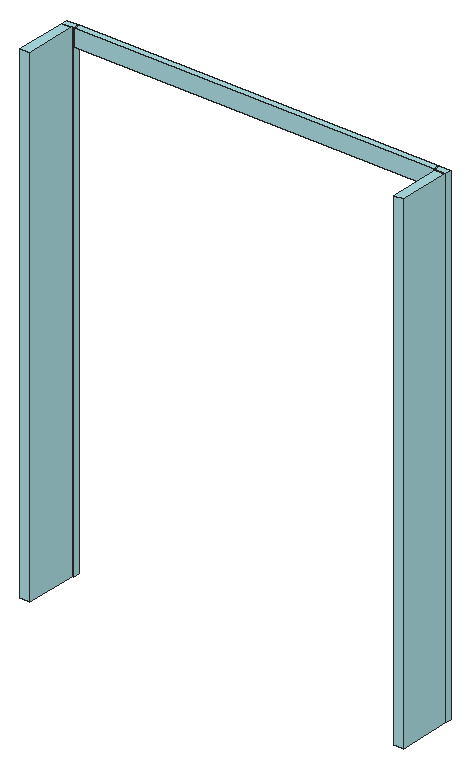
Revit family "Витраж_четверть", category Окна, Revit 2021
Family settings
  Основа = Стена
  Номер OmniClass = 23.30.20.00
  Заголовок OmniClass = Windows
  Всегда вертикально = Да
  При загрузке вырезать с полостями = Нет
  Общий = Нет
  Точка принадлежности помещению = Нет
Parameters (values of type "2370x3040 ЗМ")
  Четверь_ширина = 65 mm
  Четверь сверху_ширина = 75 mm
  Четверть_глубина [instance] = 60 mm
  Утепл_02_ширина = 95 mm
  Утепл_02_Отступ от внутреннего края = 100 mm
  Утепл_01_ширина = 108 mm
  Утепл_01_глубина = 40 mm
  Утепл_01_Смещение = 0 mm
  Утепл_01_Высота = 103 mm
  Rough Width = 2250 mm
  Rough Height = 2935 mm
  Поротерм_толщина = 250 mm
  Откос_толщина = 10 mm
  Определить тепловые свойства по = Тип схем
  Нащельник_глубина полки = 20 mm
  Нащельник_Ширина_полки = 28.5 mm
  Нащельник_Толщина = 2 mm
  Мат_Утепл_02 = BRU_Минераловатная плита ТехноБлок 80
  Мат_Утепл_01 = BRU_Минераловатная плита ТехноБлок 80
  Мат_Откос = Кирпич, бежевый
  Мат_Нащелник = none
  Группа модели = "Элемент фасада"
  Height = Rough Height + Утепл_01_Высота - Утепл_01_Смещение + Нащельник_Толщина  # 3040 mm
  Высота подоконника по умолчанию = 0 mm
  Замыкание стены = По основе
  Width = Rough Width + Утепл_02_ширина * 2  # 2440 mm
  Внутренний_проем_Ширина = 0 mm
  Вид_Откос = no
  Вид_Нащ_СО = Вид_Откос  # no
  Вид_Нащ_БО = not(Вид_Откос)  # yes
  Аналитическая конструкция = "<Нет>"
  ADSK_Толщина стены [instance] = 460 mm
  ADSK_Размер_Ширина = Rough Width + (Утепл_02_ширина - Четверь_ширина) * 4  # 2370 mm
  ADSK_Размер_Высота = Height  # 3040 mm
Types (12, lengths in mm): name | Четверь_ширина | Утепл_02_ширина | Утепл_01_ширина | Rough Width | Rough Height | Height | Width | ADSK_Размер_Ширина | ADSK_Размер_Высота
  2370x3040 ЗМ | 65 | 95 | 108 | 2250 | 2935 | 3040 | 2440 | 2370 | 3040
  2370x3435 ПМ | 95 | 125 | 138 | 2250 | 3330 | 3435 | 2500 | 2370 | 3435
  2370x3315 ПМ | 95 | 125 | 138 | 2250 | 3210 | 3315 | 2500 | 2370 | 3315
  2370x3135 ПМ | 95 | 125 | 138 | 2250 | 3030 | 3135 | 2500 | 2370 | 3135
  2370x4185 ЗМ | 65 | 95 | 108 | 2250 | 4080 | 4185 | 2440 | 2370 | 4185
  1570x4185 ПМ | 95 | 125 | 138 | 1450 | 4080 | 4185 | 1700 | 1570 | 4185
  2750x3765 ПМ | 95 | 125 | 138 | 2630 | 3660 | 3765 | 2880 | 2750 | 3765
  1475x3765 ПМ | 95 | 125 | 138 | 1355 | 3660 | 3765 | 1605 | 1475 | 3765
  1570x3765 ПМ | 95 | 125 | 138 | 1450 | 3660 | 3765 | 1700 | 1570 | 3765
  1950x3765 ЗМ | 65 | 95 | 108 | 1830 | 3660 | 3765 | 2020 | 1950 | 3765
  2370x3765 ЗМ | 65 | 95 | 108 | 2250 | 3660 | 3765 | 2440 | 2370 | 3765
  2370x3765 ПМ | 95 | 125 | 138 | 2250 | 3660 | 3765 | 2500 | 2370 | 3765
Reference planes
  plane 1 "По центру (Вперед/Назад)": y = 0
  plane 2 "По центру (Влево/Вправо)": x = 0
  plane 3 "Слева": x = -1220
  plane 4 "Справа": x = 1220
  plane 5 "Подоконник": z = 0
  plane 6 "Заголовок": z = 3040
  plane 7 "Наружный": y = 230
  plane 8 "Внутренние": y = -230
  plane 9: x = -1155
  plane 10: x = 1155
  plane 11: z = 2965
  plane 12: y = 80
  plane 13: x = -1145
  plane 14: x = 1145
  plane 15: z = 2955
  plane 16: y = 290
  plane 17: x = 0
  plane 18: x = 0
  plane 19: y = -480
  plane 20: z = 2937
  plane 21: y = 230
  plane 22: y = -130
Forms (mm)
  Extrusion 1, void
    sketch origin (0, 230, 0) x (1, 0, 0) y (0, 0, 1)
      loop
        line (1185, 3040) -> (-1185, 3040) -> (-1185, 0) -> (1185, 0) -> (1185, 3040)
    from 0 to 460
  Extrusion 2, void
    sketch origin (0, 230, 0) x (1, 0, 0) y (0, 0, 1)
      loop
        line (1155, 2965) -> (-1155, 2965) -> (-1155, 0) -> (1155, 0) -> (1155, 2965)
    from -60 to 460
  Extrusion 3, solid, material "Кирпич, бежевый" <- "Мат_Откос", visible <- "Вид_Откос"
    sketch origin (0, 230, 0) x (1, 0, 0) y (0, 0, 1)
      loop
        line (1155, 2965) -> (-1155, 2965) -> (-1155, 0) -> (-1145, 0) -> (-1145, 2955) -> (1145, 2955) -> (1145, 0) -> (1155, 0) -> (1155, 2965)
    from -60 to 0
  Extrusion 4, solid, material "BRU_Минераловатная плита ТехноБлок 80" <- "Мат_Утепл_01"
    sketch origin (0, 0, 0) x (1, 0, 0) y (0, 1, 0)
      loop
        line (1112, 230) -> (1112, 190) -> (1185, 190) -> (1185, 230) -> (1112, 230)
      loop
        line (-1185, 230) -> (-1185, 190) -> (-1112, 190) -> (-1112, 230) -> (-1185, 230)
    from 0 to 3040
  Extrusion 5, solid, material "BRU_Минераловатная плита ТехноБлок 80" <- "Мат_Утепл_02"
    sketch origin (0, 0, 0) x (1, 0, 0) y (0, 1, 0)
      loop
        line (1125, 190) -> (1125, -130) -> (1185, -130) -> (1185, 190) -> (1125, 190)
      loop
        line (-1185, 190) -> (-1185, -130) -> (-1125, -130) -> (-1125, 190) -> (-1185, 190)
    from 0 to 3040
  Extrusion 6, solid, material "BRU_Минераловатная плита ТехноБлок 80" <- "Мат_Утепл_01"
    sketch origin (0, 0, 0) x (1, 0, 0) y (0, 1, 0)
      loop
        line (-1112, 190) -> (1112, 190) -> (1112, 230) -> (-1112, 230) -> (-1112, 190)
    from 2937 to 3040
  Sweep 7, solid, material <- "Мат_Нащелник", visible <- "Вид_Нащ_СО"
    path origin (0, 230, 0) x (1, 0, 0) y (0, 0, 1)
      loop
        line (1145, 0) -> (1145, 2955) -> (-1145, 2955) -> (-1145, 0)
    profile origin (1145, 230, 1477.5) x (-1, 0, 0) y (0, -1, 0)
      loop
        line (28.5, 0) -> (0, 0) -> (0, -20) -> (2, -20) -> (2, -2) -> (28.5, -2) -> (28.5, 0)
  Sweep 8, solid, material <- "Мат_Нащелник", visible <- "Вид_Нащ_БО"
    path origin (0, 230, 0) x (1, 0, 0) y (0, 0, 1)
      loop
        line (1155, 0) -> (1155, 2965) -> (-1155, 2965) -> (-1155, 0)
    profile origin (1155, 230, 1482.5) x (-1, 0, 0) y (0, -1, 0)
      loop
        line (0, 0) -> (0, -20) -> (2, -20) -> (2, -2) -> (28.5, -2) -> (28.5, 0) -> (0, 0)
  Extrusion 9, void
    sketch origin (0, 230, 0) x (1, 0, 0) y (0, 0, 1)
      loop
        line (1116.5, 2840) -> (1116.5, 2937) -> (-1116.5, 2937) -> (-1116.5, 2840) -> (1116.5, 2840)
    from -60 to 710
Cuts and joins
  Extrusion 9 cuts Sweep 7
  Extrusion 9 cuts Sweep 8
Text (mm)
  text "Наружный" at (-1963.203, 1332.353, 0), in view "Опорный уровень"
  text "Внутренние" at (-1981.466, -818.386, 0), in view "Опорный уровень"
  text "Наружный" at (0, 701.548, 2943.296), in view "Справа"
  text "Наружный" at (0, 1241.896, 2685.409), in view "Слева"
Dimensions and locks
  equal spacing: plane 3 "Слева", plane 2 "По центру (Влево/Вправо)", plane 4 "Справа"
  "Width": plane 3 "Слева" to plane 4 "Справа"
  "Height": plane 5 "Подоконник" to plane 6 "Заголовок"
  "Высота подоконника по умолчанию": plane 5 "Подоконник" to level
  locked: plane 7 "Наружный" to host wall
  locked: plane 8 "Внутренние" to host wall
  "Четверь_ширина": plane 3 "Слева" to plane 9
  "Четверь_ширина": plane 10 to plane 4 "Справа"
  "Четверь сверху_ширина": plane 11 to plane 6 "Заголовок"
  "Четверть_глубина": plane 7 "Наружный" to plane 16
  "Откос_толщина": plane 14 to plane 10
  "Откос_толщина": plane 9 to plane 13
  "Откос_толщина": plane 15 to plane 11
  "ADSK_Толщина стены": plane 8 "Внутренние" to plane 7 "Наружный"
  equal spacing: plane 17, plane 2 "По центру (Влево/Вправо)", plane 18
  "Поротерм_толщина": plane 19 to plane 8 "Внутренние"
  "Утепл_01_глубина": Extrusion 4 sketch curve to plane 21  (x2)
  "Утепл_01_ширина": Extrusion 4 sketch curve to plane 4 "Справа"
  "Утепл_01_ширина": plane 3 "Слева" to Extrusion 4 sketch curve
  "Утепл_01_глубина": Extrusion 5 sketch curve to plane 21  (x2)
  "Утепл_02_ширина": Extrusion 5 sketch curve to plane 4 "Справа"
  "Утепл_02_ширина": plane 3 "Слева" to Extrusion 5 sketch curve
  "Утепл_01_ширина": plane 3 "Слева" to Extrusion 6 sketch curve
  "Утепл_01_ширина": Extrusion 6 sketch curve to plane 4 "Справа"
  "Утепл_01_глубина": Extrusion 6 sketch curve to plane 21
  "Утепл_01_Высота": plane 20 to plane 6 "Заголовок"
  "Утепл_01_Смещение": plane 21 to plane 7 "Наружный"
  "Нащельник_Толщина": Sweep 7 sketch curve to plane 21
  "Нащельник_Толщина": Sweep 7 sketch curve to profile plane
  "Нащельник_Ширина_полки": Sweep 7 sketch curve to profile plane
  "Нащельник_глубина полки": Sweep 7 sketch curve to plane 21
  "Нащельник_Толщина": Sweep 8 sketch curve to plane 10
  "Нащельник_Толщина": Sweep 8 sketch curve to plane 21
  "Нащельник_Ширина_полки": Sweep 8 sketch curve to plane 10
  "Нащельник_глубина полки": Sweep 8 sketch curve to plane 21
  "Нащельник_Ширина_полки": Extrusion 9 sketch curve to plane 14
  "Нащельник_Ширина_полки": plane 13 to Extrusion 9 sketch curve
  locked: Extrusion 9 sketch curve to plane 6 "Заголовок" at 200
  "Утепл_02_Отступ от внутреннего края": plane 8 "Внутренние" to plane 22
  "Внутренний_проем_Ширина": plane 17 to plane 18
  Extrusion 5 to Extrusion 5 = 2370 mm  (x2)
  plane 3 "Слева" to Extrusion 5 = 35 mm
  Extrusion 5 to plane 4 "Справа" = 35 mm
  Extrusion 5 to Extrusion 5 = 2250 mm
  Extrusion 5 to Extrusion 2 to Extrusion 5 = 30 mm, 30 mm
  aligned and locked: Extrusion 1 sketch curve to plane 6 "Заголовок"
  aligned and locked: plane 5 "Подоконник" to Extrusion 1 sketch curve
  aligned and locked: Extrusion 2 sketch curve to plane 11
  aligned and locked: Extrusion 2 sketch curve to plane 10
  aligned and locked: plane 5 "Подоконник" to Extrusion 2 sketch curve
  aligned and locked: plane 9 to Extrusion 2 sketch curve
  aligned and locked: plane 8 "Внутренние" to Extrusion 2
  aligned and locked: Extrusion 3 sketch curve to plane 11
  aligned and locked: plane 10 to Extrusion 3 sketch curve
  aligned and locked: plane 9 to Extrusion 3 sketch curve
  aligned and locked: Extrusion 3 sketch curve to plane 15
  aligned and locked: plane 13 to Extrusion 3 sketch curve
  aligned and locked: plane 14 to Extrusion 3 sketch curve
  aligned and locked: plane 5 "Подоконник" to Extrusion 3 sketch curve
  aligned and locked: Extrusion 3 to plane 16
  aligned and locked: Extrusion 2 to Extrusion 3
  aligned and locked: plane 5 "Подоконник" to Extrusion 4
  aligned and locked: plane 5 "Подоконник" to Extrusion 5
  aligned and locked: Extrusion 5 to plane 6 "Заголовок"
  aligned and locked: Extrusion 4 to plane 6 "Заголовок"
  aligned and locked: Extrusion 6 to plane 6 "Заголовок"
  aligned and locked: Extrusion 6 to plane 20
  aligned and locked: Extrusion 4 sketch curve to plane 21
  aligned and locked: plane 21 to Extrusion 4 sketch curve
  aligned and locked: Extrusion 6 sketch curve to plane 21
  aligned and locked: Extrusion 3 to Extrusion 4
  aligned and locked: plane 14 to Sweep 7 sketch curve
  aligned and locked: Sweep 7 sketch curve to plane 13
  aligned and locked: plane 5 "Подоконник" to Sweep 7 sketch curve  (x2)
  aligned and locked: Sweep 7 sketch curve to plane 15
  aligned and locked: profile plane to Sweep 7 sketch curve
  aligned and locked: plane 21 to Sweep 7 sketch curve
  aligned and locked: plane 10 to Sweep 8 sketch curve
  aligned and locked: Sweep 8 sketch curve to plane 9
  aligned and locked: Sweep 8 sketch curve to plane 11
  aligned and locked: plane 5 "Подоконник" to Sweep 8 sketch curve  (x2)
  aligned and locked: Sweep 8 sketch curve to plane 10
  aligned and locked: plane 21 to Sweep 8 sketch curve
  aligned and locked: Extrusion 9 sketch curve to plane 20
  aligned and locked: Extrusion 9 to plane 19
  aligned and locked: Extrusion 9 to plane 16
  aligned and locked: plane 22 to Extrusion 5 sketch curve  (x2)
  aligned and locked: nested 1 to Extrusion 6
  aligned and locked: nested 1 to Extrusion 4  (x2)
  aligned and locked: nested 1 to Extrusion 2
Automatic sketch dimensions
  Extrusion 3 sketch curve to plane 5 "Подоконник" = 0 mm
  Extrusion 1 sketch curve to plane 10 = 30 mm
  plane 9 to Extrusion 1 sketch curve = 30 mm
  plane 9 to Extrusion 4 sketch curve = 30 mm
  Extrusion 4 sketch curve to plane 10 = 30 mm
  plane 9 to Extrusion 5 sketch curve = 30 mm
  Extrusion 5 sketch curve to plane 10 = 30 mm
Nested families
  nested 1: "Обозначение проема" at (0, 230, 1520) x (-1, 0, 0) z (0, -1, 0), type "Обозначение проема"
    with Ширина 3040 mm, Высота 2370 mm
Definition of nested family "Обозначение проема"
  Parameters (values of type "Обозначение проема")
    Ширина [instance] = 1800 mm
    Высота [instance] = 1400 mm
  Reference planes
    plane 1 "По центру (Вперед/Назад)": y = 0
    plane 2: z = 0
    plane 3 "По центру (Влево/Вправо)": x = 0
    plane 4: y = 900
    plane 5: x = -700
    plane 6: x = 700
    plane 7: y = -900
  Lines and regions (mm)
    Filled region 1, type "Сплошная заливка - Серый", in view "Опорный уровень", detail levels coarse
      outline origin (0, 0, 0) x (1, 0, 0) y (0, 1, 0)
        loop
          line (-700, 900) -> (454.333, 633.501) -> (700, -900) -> (700, 900) -> (-700, 900)
    Masking region 1, in view "Опорный уровень", detail levels coarse
      outline origin (0, 0, 0) x (1, 0, 0) y (0, 1, 0)
        loop
          line (-700, 900) -> (-700, -900) -> (700, -900) -> (454.333, 633.501) -> (-700, 900)
  Dimensions and locks
    equal spacing: plane 5, plane 3 "По центру (Влево/Вправо)", plane 6
    equal spacing: plane 4, plane 1 "По центру (Вперед/Назад)", plane 7
    "Высота": plane 5 to plane 6
    "Ширина": plane 4 to plane 7
    aligned and locked: Filled region 1 sketch curve to plane 4
    aligned and locked: Filled region 1 sketch curve to plane 6
    aligned and locked: plane 5 to Filled region 1 sketch curve
    aligned and locked: plane 7 to Filled region 1 sketch curve
    aligned and locked: Masking region 1 sketch curve to plane 5
    aligned and locked: Masking region 1 sketch curve to plane 7
    aligned and locked: Masking region 1 sketch curve to Filled region 1  (x2)
  Automatic sketch dimensions
    Filled region 1 sketch curve to plane 6 = 245.667 mm
    Filled region 1 sketch curve to plane 4 = 266.499 mm
